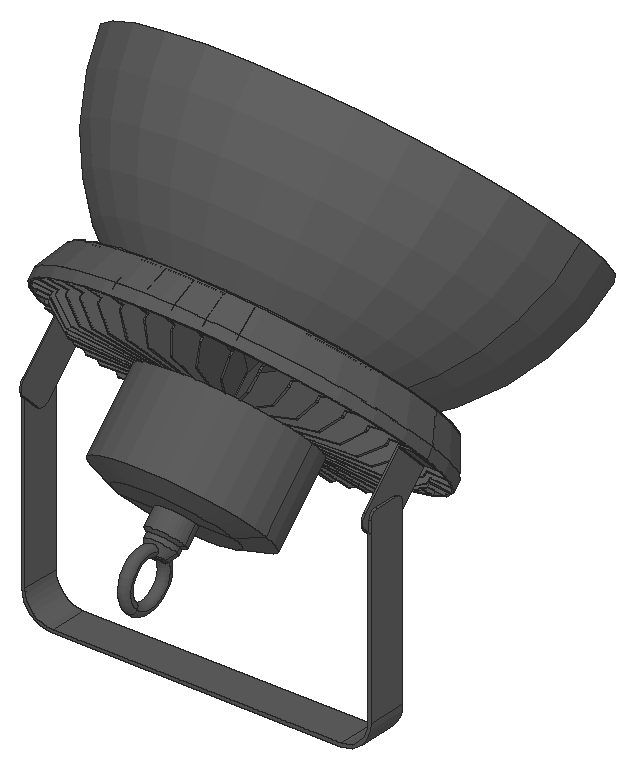
Revit family "0039346+0039355+0039360 Feilo Sylvania Lighting Fixture START HIGHBAY 4K 26KLM MEDIUM with BRACKET and ALU SHADE BLACK COLOR", category Lighting Fixtures, host Face, Revit 2017 (continued)
Definition of nested family "Start LED Highbay Head"
  Dimensions and locks
    "RHHeight3_FEILO": plane 31 to plane 33
    "RHHeight4_FEILO": plane 33 to plane 34
    "RHRadius3_FEILO": plane 3 "Center (Left/Right)" to plane 35
    "RHHeight1_FEILO": plane 28 to plane 30
    "EyeInner_FEILO": plane 34 to plane 36
    "EyeInner_FEILO": plane 36 to plane 37
    equal spacing: plane 38, plane 3 "Center (Left/Right)", plane 39
    "EyeThickness_FEILO": plane 38 to plane 39
    "EyeThickness_FEILO": plane 37 to plane 40
    equal spacing: plane 37, plane 41, plane 40
    equal spacing: plane 6, plane 42, plane 18
    "ThicknessBracket_FEILO": plane 45 to plane 6
    "ThicknessBracket_FEILO": plane 8 to plane 44
    locked: plane 43 to plane 18 at 1
    equal spacing: plane 24, plane 46, plane 26
    equal spacing: plane 47, plane 1 "Center (Front/Back)", plane 48
    "WidthBracket_FEILO": plane 47 to plane 48
    "WidthRingChamfer_FEILO": plane 50 to plane 49
    "ThicknessWall_FEILO": plane 51 to plane 49
    equal spacing: plane 50, plane 52, plane 51
    "ThicknessBracket_FEILO": plane 54 to plane 50
    locked: plane 53 to plane 51 at 1
    "Radius_FEILO": plane 49 to plane 3 "Center (Left/Right)"
    "ShadeRadiusOut_FEILO": plane 3 "Center (Left/Right)" to plane 55
    "ShadeHeight_FEILO": plane 56 to plane 4
    "ShadeRadiusIn_FEILO": plane 3 "Center (Left/Right)" to plane 57
    locked: plane 58 to plane 57 at 8
    "ShadeThickness_FEILO": plane 60 to plane 4
    "ShadeThickness_FEILO": plane 59 to plane 55
    "EyeThicknessHalf_FEILO": radius of curve 8
    "ThicknessBracket_FEILO": radius of Extrusion 7 sketch curve  (x2)
    "ThicknessBracketHalf_FEILO": radius of Extrusion 7 sketch curve  (x2)
    "ShadeRadiusBend_FEILO": radius of curve 9
    aligned and locked: plane 2 to Extrusion 1
    aligned and locked: level to Extrusion 1
    aligned and locked: plane 5 to curve 1
    aligned and locked: plane 6 to curve 1
    aligned and locked: plane 7 to curve 1
    aligned and locked: plane 10 to curve 2
    aligned and locked: plane 9 to curve 3
    aligned and locked: plane 4 to curve 3
    aligned and locked: plane 11 to curve 3
    aligned and locked: plane 4 to curve 4
    aligned and locked: plane 18 to curve 5
    aligned and locked: plane 10 to curve 5
    aligned and locked: Revolve 2 sketch curve to plane 3 "Center (Left/Right)"
    aligned and locked: Revolve 2 sketch curve to curve 3
    aligned and locked: Revolve 2 sketch curve to curve 1
    aligned and locked: plane 4 to Revolve 2 sketch curve
    aligned and locked: plane 9 to Revolve 2 sketch curve
    aligned and locked: Revolve 2 sketch curve to plane 13
    aligned and locked: Revolve 2 sketch curve to plane 10
    aligned and locked: plane 13 to Revolve 2 sketch curve
    aligned and locked: plane 10 to Revolve 2 sketch curve
    aligned and locked: Revolve 2 sketch curve to plane 18
    aligned and locked: Revolve 2 sketch curve to plane 8
    aligned and locked: plane 5 to Revolve 2 sketch curve  (x2)
    aligned and locked: Revolve 3 sketch curve to plane 3 "Center (Left/Right)"
    aligned and locked: plane 11 to Revolve 3 sketch curve
    aligned and locked: Revolve 3 sketch curve to curve 2
    aligned and locked: plane 15 to Revolve 3 sketch curve
    aligned and locked: Revolve 3 sketch curve to plane 16
    aligned and locked: plane 17 to Revolve 3 sketch curve  (x2)
    aligned and locked: Revolve 3 sketch curve to plane 12
    aligned and locked: plane 7 to Revolve 3 sketch curve
    aligned and locked: Revolve 4 sketch curve to plane 3 "Center (Left/Right)"
    aligned and locked: Revolve 4 sketch curve to plane 14
    aligned and locked: plane 3 "Center (Left/Right)" to Revolve 4 sketch curve
    aligned and locked: Revolve 4 sketch curve to plane 12
    aligned and locked: plane 15 to Revolve 4 sketch curve
    aligned and locked: Revolve 2 sketch curve to curve 5
    aligned and locked: plane 22 to curve 6
    aligned and locked: plane 21 to curve 6
    aligned and locked: plane 20 to curve 6
    aligned and locked: plane 19 to curve 6
    aligned and locked: plane 33 to curve 7
    aligned and locked: plane 32 to curve 7
    aligned and locked: plane 35 to curve 7
    aligned and locked: plane 34 to curve 7
    aligned and locked: Revolve 5 sketch curve to plane 3 "Center (Left/Right)"
    aligned and locked: Revolve 5 sketch curve to plane 25
    aligned and locked: plane 27 to Revolve 5 sketch curve
    aligned and locked: plane 28 to Revolve 5 sketch curve
    aligned and locked: plane 30 to Revolve 5 sketch curve
    aligned and locked: Revolve 5 sketch curve to plane 29
    aligned and locked: plane 31 to Revolve 5 sketch curve
    aligned and locked: Revolve 5 sketch curve to curve 7
    aligned and locked: Revolve 5 sketch curve to plane 32
    aligned and locked: plane 34 to Revolve 5 sketch curve
    aligned and locked: plane 3 "Center (Left/Right)" to Revolve 5 sketch curve
    aligned and locked: plane 3 "Center (Left/Right)" to curve 8
    aligned and locked: plane 41 to curve 8
    aligned and locked: Revolve 6 sketch curve to plane 36
    aligned and locked: Revolve 6 sketch curve to curve 8
    aligned and locked: plane 43 to Extrusion 7 sketch curve  (x2)
    aligned and locked: plane 8 to Extrusion 7 sketch curve  (x3)
    aligned and locked: Extrusion 7 sketch curve to plane 45
    aligned and locked: Extrusion 7 sketch curve to plane 46  (x2)
    aligned and locked: plane 6 to Extrusion 7 sketch curve
    aligned and locked: Extrusion 7 sketch curve to plane 44  (x2)
    aligned and locked: Extrusion 7 to plane 48
    aligned and locked: plane 47 to Extrusion 7
    aligned and locked: plane 53 to Extrusion 7 sketch curve
    aligned and locked: plane 50 to Extrusion 7 sketch curve
    aligned and locked: Extrusion 7 sketch curve to plane 54
    aligned and locked: Extrusion 8 sketch curve to Extrusion 8 sketch curve
    aligned and locked: Extrusion 8 to plane 6
    aligned and locked: Extrusion 8 to Extrusion 7
    aligned and locked: Revolve 5 sketch curve to plane 22
    aligned and locked: plane 23 to nested 1
    aligned and locked: plane 1 "Center (Front/Back)" to nested 1
    aligned and locked: Revolve 9 sketch curve to plane 3 "Center (Left/Right)"
    aligned and locked: Revolve 9 sketch curve to plane 4
    aligned and locked: plane 6 to Revolve 9 sketch curve
    aligned and locked: plane 4 to Revolve 9 sketch curve
    aligned and locked: plane 7 to Revolve 9 sketch curve
    aligned and locked: Revolve 9 sketch curve to plane 5
    aligned and locked: plane 8 to Revolve 9 sketch curve  (x2)
    aligned and locked: Revolve 9 sketch curve to plane 19
    aligned and locked: plane 20 to Revolve 9 sketch curve
    aligned and locked: plane 19 to Revolve 9 sketch curve
    aligned and locked: plane 21 to Revolve 9 sketch curve
    aligned and locked: plane 22 to Revolve 9 sketch curve  (x2)
    aligned and locked: Revolve 9 sketch curve to Revolve 9 sketch curve
    aligned and locked: imposter light to plane 4
    aligned and locked: plane 3 "Center (Left/Right)" to imposter light
    aligned and locked: imposter light to plane 1 "Center (Front/Back)"
    aligned and locked: plane 55 to curve 9
    aligned and locked: plane 56 to curve 9
    aligned and locked: plane 57 to curve 9
    aligned and locked: plane 4 to curve 9
    aligned and locked: Revolve 10 sketch curve to curve 9
    aligned and locked: plane 58 to Revolve 10 sketch curve
    aligned and locked: plane 57 to Revolve 10 sketch curve
    aligned and locked: plane 56 to Revolve 10 sketch curve  (x2)
    aligned and locked: Revolve 10 sketch curve to plane 58
    aligned and locked: plane 60 to Revolve 10 sketch curve
  Automatic sketch dimensions
    Extrusion 1 sketch curve to Extrusion 1 sketch curve = 2438.4 mm  (x2)
    Revolve 2 sketch curve to plane 6 = 0.299 mm
    plane 6 to Revolve 2 sketch curve = 0.459 mm
    Revolve 2 sketch curve to level = 609.6 mm
    Revolve 2 sketch curve to Revolve 2 sketch curve = 2312.223 mm
    Revolve 3 sketch curve to plane 12 = 0 mm
    Revolve 3 sketch curve to plane 3 "Center (Left/Right)" = 0 mm
    Revolve 3 sketch curve to level = 609.6 mm
    Revolve 3 sketch curve to plane 4 = 2339.058 mm
    Revolve 4 sketch curve to level = 609.6 mm
    Revolve 4 sketch curve to plane 4 = 2339.058 mm
    Revolve 6 sketch curve to plane 5 = 1080 mm
    plane 38 to Revolve 6 sketch curve = 1219.2 mm
    Extrusion 8 sketch curve to plane 47 = 0 mm
    plane 46 to Extrusion 8 sketch curve = 0 mm  (x2)
    Extrusion 8 sketch curve to plane 48 = 0 mm
    plane 47 to Extrusion 8 sketch curve = 5 mm
    plane 1 "Center (Front/Back)" to Extrusion 8 sketch curve = 10 mm
    Extrusion 8 sketch curve to Extrusion 8 sketch curve = 10 mm
    plane 46 to Extrusion 8 sketch curve = 5 mm
    Extrusion 8 sketch curve to Extrusion 8 sketch curve = 5 mm
    Extrusion 8 sketch curve to plane 48 = 5 mm
    Revolve 5 sketch curve to plane 26 = 0 mm
    Revolve 5 sketch curve to plane 35 = 0.437 mm
    plane 35 to Revolve 5 sketch curve = 0.847 mm
    Revolve 5 sketch curve to plane 34 = 0.726 mm
    plane 40 to Revolve 5 sketch curve = 590.2 mm
    Revolve 5 sketch curve to plane 4 = 2339.058 mm
    Revolve 9 sketch curve to level = 609.6 mm
    Revolve 9 sketch curve to Revolve 9 sketch curve = 2386.058 mm
    curve 2 to plane 3 "Center (Left/Right)" = 0 mm
    Revolve 10 sketch curve to Revolve 10 sketch curve = 0 mm  (x2)
    Revolve 10 sketch curve to plane 3 "Center (Left/Right)" = 0 mm
    plane 57 to Revolve 10 sketch curve = 0.659 mm
    Revolve 10 sketch curve to level = 609.6 mm
    Revolve 10 sketch curve to Revolve 10 sketch curve = 2068.248 mm
  Nested families
    nested 1: "Start Highbay Rib" at (0, 0, 67.775), type "Type Name", detail levels medium+fine
      with SuspensionHeight_FEILO 2.6 mm
    nested 2: "Start Highbay Rib" at (0, 0, 67.775) x (0.9877, 0.1564, 0) z (0, 0, 1), type "Type Name", detail levels medium+fine
      with SuspensionHeight_FEILO 2.6 mm
    nested 3: "Start Highbay Rib" at (0, 0, 67.775) x (0.9511, 0.309, 0) z (0, 0, 1), type "Type Name", detail levels medium+fine
      with SuspensionHeight_FEILO 2.6 mm
    nested 4: "Start Highbay Rib" at (0, 0, 67.775) x (0.891, 0.454, 0) z (0, 0, 1), type "Type Name", detail levels medium+fine
      with SuspensionHeight_FEILO 2.6 mm
    nested 5: "Start Highbay Rib" at (0, 0, 67.775) x (0.809, 0.5878, 0) z (0, 0, 1), type "Type Name", detail levels medium+fine
      with SuspensionHeight_FEILO 2.6 mm
    nested 6: "Start Highbay Rib" at (0, 0, 67.775) x (0.7071, 0.7071, 0) z (0, 0, 1), type "Type Name", detail levels medium+fine
      with SuspensionHeight_FEILO 2.6 mm
    nested 7: "Start Highbay Rib" at (0, 0, 67.775) x (0.5878, 0.809, 0) z (0, 0, 1), type "Type Name", detail levels medium+fine
      with SuspensionHeight_FEILO 2.6 mm
    nested 8: "Start Highbay Rib" at (0, 0, 67.775) x (0.454, 0.891, 0) z (0, 0, 1), type "Type Name", detail levels medium+fine
      with SuspensionHeight_FEILO 2.6 mm
    nested 9: "Start Highbay Rib" at (0, 0, 67.775) x (0.309, 0.9511, 0) z (0, 0, 1), type "Type Name", detail levels medium+fine
      with SuspensionHeight_FEILO 2.6 mm
    nested 10: "Start Highbay Rib" at (0, 0, 67.775) x (0.1564, 0.9877, 0) z (0, 0, 1), type "Type Name", detail levels medium+fine
      with SuspensionHeight_FEILO 2.6 mm
    nested 11: "Start Highbay Rib" at (0, 0, 67.775) x (0, 1, 0) z (0, 0, 1), type "Type Name", detail levels medium+fine
      with SuspensionHeight_FEILO 2.6 mm
    nested 12: "Start Highbay Rib" at (0, 0, 67.775) x (-0.1564, 0.9877, 0) z (0, 0, 1), type "Type Name", detail levels medium+fine
      with SuspensionHeight_FEILO 2.6 mm
    nested 13: "Start Highbay Rib" at (0, 0, 67.775) x (-0.309, 0.9511, 0) z (0, 0, 1), type "Type Name", detail levels medium+fine
      with SuspensionHeight_FEILO 2.6 mm
    nested 14: "Start Highbay Rib" at (0, 0, 67.775) x (-0.454, 0.891, 0) z (0, 0, 1), type "Type Name", detail levels medium+fine
      with SuspensionHeight_FEILO 2.6 mm
    nested 15: "Start Highbay Rib" at (0, 0, 67.775) x (-0.5878, 0.809, 0) z (0, 0, 1), type "Type Name", detail levels medium+fine
      with SuspensionHeight_FEILO 2.6 mm
    nested 16: "Start Highbay Rib" at (0, 0, 67.775) x (-0.7071, 0.7071, 0) z (0, 0, 1), type "Type Name", detail levels medium+fine
      with SuspensionHeight_FEILO 2.6 mm
    nested 17: "Start Highbay Rib" at (0, 0, 67.775) x (-0.809, 0.5878, 0) z (0, 0, 1), type "Type Name", detail levels medium+fine
      with SuspensionHeight_FEILO 2.6 mm
    nested 18: "Start Highbay Rib" at (0, 0, 67.775) x (-0.891, 0.454, 0) z (0, 0, 1), type "Type Name", detail levels medium+fine
      with SuspensionHeight_FEILO 2.6 mm
    nested 19: "Start Highbay Rib" at (0, 0, 67.775) x (-0.9511, 0.309, 0) z (0, 0, 1), type "Type Name", detail levels medium+fine
      with SuspensionHeight_FEILO 2.6 mm
    nested 20: "Start Highbay Rib" at (0, 0, 67.775) x (-0.9877, 0.1564, 0) z (0, 0, 1), type "Type Name", detail levels medium+fine
      with SuspensionHeight_FEILO 2.6 mm
    nested 21: "Start Highbay Rib" at (0, 0, 67.775) x (-1, 0, 0) z (0, 0, 1), type "Type Name", detail levels medium+fine
      with SuspensionHeight_FEILO 2.6 mm
    nested 22: "Start Highbay Rib" at (0, 0, 67.775) x (-0.9877, -0.1564, 0) z (0, 0, 1), type "Type Name", detail levels medium+fine
      with SuspensionHeight_FEILO 2.6 mm
    nested 23: "Start Highbay Rib" at (0, 0, 67.775) x (-0.9511, -0.309, 0) z (0, 0, 1), type "Type Name", detail levels medium+fine
      with SuspensionHeight_FEILO 2.6 mm
    nested 24: "Start Highbay Rib" at (0, 0, 67.775) x (-0.891, -0.454, 0) z (0, 0, 1), type "Type Name", detail levels medium+fine
      with SuspensionHeight_FEILO 2.6 mm
    nested 25: "Start Highbay Rib" at (0, 0, 67.775) x (-0.809, -0.5878, 0) z (0, 0, 1), type "Type Name", detail levels medium+fine
      with SuspensionHeight_FEILO 2.6 mm
    nested 26: "Start Highbay Rib" at (0, 0, 67.775) x (-0.7071, -0.7071, 0) z (0, 0, 1), type "Type Name", detail levels medium+fine
      with SuspensionHeight_FEILO 2.6 mm
    nested 27: "Start Highbay Rib" at (0, 0, 67.775) x (-0.5878, -0.809, 0) z (0, 0, 1), type "Type Name", detail levels medium+fine
      with SuspensionHeight_FEILO 2.6 mm
    nested 28: "Start Highbay Rib" at (0, 0, 67.775) x (-0.454, -0.891, 0) z (0, 0, 1), type "Type Name", detail levels medium+fine
      with SuspensionHeight_FEILO 2.6 mm
    nested 29: "Start Highbay Rib" at (0, 0, 67.775) x (-0.309, -0.9511, 0) z (0, 0, 1), type "Type Name", detail levels medium+fine
      with SuspensionHeight_FEILO 2.6 mm
    nested 30: "Start Highbay Rib" at (0, 0, 67.775) x (-0.1564, -0.9877, 0) z (0, 0, 1), type "Type Name", detail levels medium+fine
      with SuspensionHeight_FEILO 2.6 mm
    nested 31: "Start Highbay Rib" at (0, 0, 67.775) x (0, -1, 0) z (0, 0, 1), type "Type Name", detail levels medium+fine
      with SuspensionHeight_FEILO 2.6 mm
    nested 32: "Start Highbay Rib" at (0, 0, 67.775) x (0.1564, -0.9877, 0) z (0, 0, 1), type "Type Name", detail levels medium+fine
      with SuspensionHeight_FEILO 2.6 mm
    nested 33: "Start Highbay Rib" at (0, 0, 67.775) x (0.309, -0.9511, 0) z (0, 0, 1), type "Type Name", detail levels medium+fine
      with SuspensionHeight_FEILO 2.6 mm
    nested 34: "Start Highbay Rib" at (0, 0, 67.775) x (0.454, -0.891, 0) z (0, 0, 1), type "Type Name", detail levels medium+fine
      with SuspensionHeight_FEILO 2.6 mm
    nested 35: "Start Highbay Rib" at (0, 0, 67.775) x (0.5878, -0.809, 0) z (0, 0, 1), type "Type Name", detail levels medium+fine
      with SuspensionHeight_FEILO 2.6 mm
    nested 36: "Start Highbay Rib" at (0, 0, 67.775) x (0.7071, -0.7071, 0) z (0, 0, 1), type "Type Name", detail levels medium+fine
      with SuspensionHeight_FEILO 2.6 mm
    nested 37: "Start Highbay Rib" at (0, 0, 67.775) x (0.809, -0.5878, 0) z (0, 0, 1), type "Type Name", detail levels medium+fine
      with SuspensionHeight_FEILO 2.6 mm
    nested 38: "Start Highbay Rib" at (0, 0, 67.775) x (0.891, -0.454, 0) z (0, 0, 1), type "Type Name", detail levels medium+fine
      with SuspensionHeight_FEILO 2.6 mm
    nested 39: "Start Highbay Rib" at (0, 0, 67.775) x (0.9511, -0.309, 0) z (0, 0, 1), type "Type Name", detail levels medium+fine
      with SuspensionHeight_FEILO 2.6 mm
    nested 40: "Start Highbay Rib" at (0, 0, 67.775) x (0.9877, -0.1564, 0) z (0, 0, 1), type "Type Name", detail levels medium+fine
      with SuspensionHeight_FEILO 2.6 mm
  Definition of nested family "Start Highbay Rib"
    Parameters (values of type "Type Name")
      WidthStraight_FEILO = if(SizeS_FEILO, 3 mm, if(SizeM_FEILO, 4 mm, 4.7 mm))  # 3 mm
      WidthRingChamfer_FEILO = if(SizeS_FEILO, 10.3 mm, if(SizeM_FEILO, 11.2 mm, 12.9 mm))  # 10.3 mm
      WidthCurved_FEILO = if(SizeS_FEILO, 17.4 mm, if(SizeM_FEILO, 16.4 mm, 26.2 mm))  # 17.4 mm
      WidthCurvedRing_FEILO = if(SizeS_FEILO, 3 mm, if(SizeM_FEILO, 4 mm, 4.7 mm))  # 3 mm
      WidthBracket_FEILO = 40 mm
      URL = "http://www.feilosylvania.com"
      Type Image = (empty or 0)
      Type Comments = "n/a"
      ThicknessWall_FEILO = 1.5 mm
      ThicknessBracket_FEILO = 1.5 mm
      ThicknessBracketHalf_FEILO = ThicknessBracket_FEILO / 2  # 0.75 mm
      SuspensionHeight_FEILO [instance] = 2.6 mm
      SizeS_FEILO = yes
      SizeM_FEILO = no
      Rib4_FEILO = if(SizeS_FEILO, 18.1 mm, if(SizeM_FEILO, 13.6 mm, 14.6 mm))  # 18.1 mm
      Rib3_FEILO = if(SizeS_FEILO, 15.3 mm, if(SizeM_FEILO, 17.6 mm, 20.2 mm))  # 15.3 mm
      Rib2_FEILO = if(SizeS_FEILO, 3.6 mm, if(SizeM_FEILO, 3.9 mm, 4.5 mm))  # 3.6 mm
      Rib1_FEILO = if(SizeS_FEILO, 15.1 mm, if(SizeM_FEILO, 16.5 mm, 19 mm))  # 15.1 mm
      RadiusRib_FEILO = 2 mm
      RadiusDiffuser_FEILO = if(SizeS_FEILO, 95.2 mm, if(SizeM_FEILO, 105.3 mm, 120 mm))  # 95.2 mm
      RHRadius3_FEILO = if(SizeS_FEILO, 6.6 mm, if(SizeM_FEILO, 7.4 mm, 8.6 mm))  # 6.6 mm
      RHRadius2_FEILO = if(SizeS_FEILO, 11 mm, if(SizeM_FEILO, 12 mm, 14 mm))  # 11 mm
      RHRadius1_FEILO = if(SizeS_FEILO, 13.6 mm, if(SizeM_FEILO, 14.9 mm, 17.7 mm))  # 13.6 mm
      RHHeight4_FEILO = if(SizeS_FEILO, 7.3 mm, if(SizeM_FEILO, 8 mm, 9.2 mm))  # 7.3 mm
      RHHeight3_FEILO = if(SizeS_FEILO, 3.6 mm, if(SizeM_FEILO, 3.7 mm, 4.6 mm))  # 3.6 mm
      RHHeight2_FEILO = if(SizeS_FEILO, 2 mm, if(SizeM_FEILO, 2.2 mm, 2.6 mm))  # 2 mm
      RHHeight1_FEILO = if(SizeS_FEILO, 11.8 mm, if(SizeM_FEILO, 15.3 mm, 17.4 mm))  # 11.8 mm
      Material_3_FEILO = none
      Model = ""
      Manufacturer = "Feilo Sylvania"
      Keynote = "16500"
      HeightRing_FEILO = if(SizeS_FEILO, 19.8 mm, if(SizeM_FEILO, 32 mm, 36.8 mm))  # 19.8 mm
      HeightRingChamfer_FEILO = if(SizeS_FEILO, 11.7 mm, if(SizeM_FEILO, 23.2 mm, 26.6 mm))  # 11.7 mm
      EyeThickness_FEILO = if(SizeS_FEILO, 8.4 mm, if(SizeM_FEILO, 9.2 mm, 10.5 mm))  # 8.4 mm
      EyeThicknessHalf_FEILO = EyeThickness_FEILO / 2  # 4.2 mm
      EyeInner_FEILO = if(SizeS_FEILO, 13.8 mm, if(SizeM_FEILO, 15.1 mm, 17.3 mm))  # 13.8 mm
      DriverVerticalStraight_FEILO = if(SizeS_FEILO, 46.5 mm, if(SizeM_FEILO, 49.7 mm, 57 mm))  # 46.5 mm
      DriverVerticalChamfer_FEILO = if(SizeS_FEILO, 7.5 mm, if(SizeM_FEILO, 8.2 mm, 9.5 mm))  # 7.5 mm
      DriverRadius_FEILO = if(SizeS_FEILO, 61.4 mm, if(SizeM_FEILO, 67.2 mm, 76.4 mm))  # 61.4 mm
      DriverRadiusTop_FEILO = if(SizeS_FEILO, 42 mm, if(SizeM_FEILO, 45.3 mm, 52.4 mm))  # 42 mm
      DriverBottom_FEILO = if(SizeS_FEILO, 56 mm, if(SizeM_FEILO, 64.5 mm, 74 mm))  # 56 mm
      Material_2_FEILO = none
      Radius_FEILO = if(SizeS_FEILO, 135 mm, if(SizeM_FEILO, 148 mm, 169.5 mm))  # 135 mm
      Description = ""
      Default Elevation = 1219.2 mm
      Cost = 0
      Material_1_FEILO = none
      Assembly Code = "D5020200"
      Material_4_FEILO = none
    Reference planes
      plane 1 "Center (Front/Back)": y = 0
      plane 2: z = 0
      plane 3 "Center (Left/Right)": x = 0
      plane 4: z = 2.6
      plane 5: x = -135
      plane 6: x = -124.7
      plane 7: z = -9.1
      plane 8: z = -17.2
      plane 9: x = -121.7
      plane 10: z = -0.025
      plane 11: x = -104.3
      plane 12: x = -95.2
      plane 13: x = -118.7
      plane 14: z = 0.975
      plane 15: z = -1.025
      plane 16: x = -92.2
      plane 17: z = -2.025
      plane 18: x = -133.5
      plane 19: x = -119.9
      plane 20: z = -20.8
      plane 21: x = -104.6
      plane 22: z = -38.9
      plane 23: x = -20
      plane 24: z = -53.4
      plane 25: x = -61.4
      plane 26: z = -99.9
      plane 27: x = -42
      plane 28: z = -107.4
      plane 29: x = -13.6
      plane 30: z = -119.2
      plane 31: z = -121.2
      plane 32: x = -11
      plane 33: z = -124.8
      plane 34: z = -132.1
      plane 35: x = -6.6
      plane 36: z = -145.9
      plane 37: z = -159.7
      plane 38: x = 4.2
      plane 39: x = -4.2
      plane 40: z = -168.1
      plane 41: z = -163.9
      plane 42: x = -129.1
      plane 43: x = -132.5
      plane 44: z = -18.7
      plane 45: x = -123.2
      plane 46: z = -76.65
      plane 47: y = -20
      plane 48: y = 20
      plane 49: x = 135
      plane 50: x = 124.7
      plane 51: x = 133.5
      plane 52: x = 129.1
      plane 53: x = 132.5
      plane 54: x = 123.2
      plane 55: y = 0.75
      plane 56: y = -0.75
    Forms (mm)
      Extrusion 1, solid
        sketch origin (4.2, 0, 0) x (1, 0, 0) y (0, 1, 0)
          loop
            line (-1219.2, 1219.2) -> (-1219.2, -1219.2) -> (1219.2, -1219.2) -> (1219.2, 1219.2) -> (-1219.2, 1219.2)
        from 0 to -68.017
      Extrusion 2, solid, material <- "Material_1_FEILO"
        sketch origin (0, 0, 0) x (1, 0, 0) y (0, 0, 1)
          loop
            arc (-104.3, -0.025) -> (-111.555, 0.423) -> (-118.7, 1.76) r 58.981
            line (-118.7, 1.76) -> (-118.7, -0.025) -> (-125.012, -0.025) -> (-133.5, -9.666) -> (-133.5, -17.2) -> (-119.9, -17.2) -> (-119.9, -20.068)
            arc (-119.9, -20.068) -> (-119.778, -20.755) -> (-119.427, -21.359) r 2
            line (-119.427, -21.359) -> (-104.966, -38.467)
            arc (-104.966, -38.467) -> (-104.381, -38.789) -> (-103.723, -38.9) r 2
            line (-103.723, -38.9) -> (-20, -38.9) -> (-20, -9.1) -> (-95.2, -9.1) -> (-95.2, -2.025) -> (-104.3, -2.025) -> (-104.3, -0.025)
        from -0.75 to 0.75
    Lines and regions (mm)
      reference lines
        curve 1: line (-135, 0, -9.1) -> (-124.7, 0, 2.6)
        curve 2: line (-104.3, 0, -0.025) -> (0, 0, -0.025)
        curve 3: arc (-104.3, 0, -0.025) -> (-113.098, 0, 0.635) -> (-121.7, 0, 2.6) r 58.981
        curve 4: line (-124.7, 0, 2.6) -> (-121.7, 0, 2.6)
        curve 5: line (-125.012, 0, -0.025) -> (-133.5, 0, -9.666)
        curve 6: line (-119.9, 0, -20.8) -> (-104.6, 0, -38.9)
    Dimensions and locks
      "Radius_FEILO": plane 3 "Center (Left/Right)" to plane 5
      "WidthRingChamfer_FEILO": plane 6 to plane 5
      "WidthStraight_FEILO": plane 9 to plane 6
      "WidthCurvedRing_FEILO": plane 13 to plane 9
      locked: plane 10 to plane 15 at 1
      locked: plane 14 to plane 10 at 1
      locked: plane 4 to plane 10 at 2.625
      locked: plane 15 to plane 17 at 1
      "ThicknessWall_FEILO": plane 18 to plane 5
      "ThicknessWall_FEILO": curve 5 to curve 1
      "HeightRingChamfer_FEILO": plane 4 to plane 7
      "HeightRing_FEILO": plane 4 to plane 8
      "RadiusDiffuser_FEILO": plane 3 "Center (Left/Right)" to plane 12
      locked: plane 16 to plane 12 at 3
      "WidthCurved_FEILO": plane 11 to plane 9
      "SuspensionHeight_FEILO": plane 4 to plane 2
      "Rib1_FEILO": plane 19 to plane 5
      "Rib2_FEILO": plane 8 to plane 20
      "Rib3_FEILO": plane 21 to plane 19
      "Rib4_FEILO": plane 20 to plane 22
      locked: plane 3 "Center (Left/Right)" to plane 23 at 20
      "DriverBottom_FEILO": plane 4 to plane 24
      "DriverRadius_FEILO": plane 3 "Center (Left/Right)" to plane 25
      "DriverVerticalStraight_FEILO": plane 24 to plane 26
      "DriverRadiusTop_FEILO": plane 3 "Center (Left/Right)" to plane 27
      "DriverVerticalChamfer_FEILO": plane 26 to plane 28
      "RHRadius1_FEILO": plane 3 "Center (Left/Right)" to plane 29
      "RHHeight2_FEILO": plane 30 to plane 31
      "RHRadius2_FEILO": plane 3 "Center (Left/Right)" to plane 32
      "RHHeight3_FEILO": plane 31 to plane 33
      "RHHeight4_FEILO": plane 33 to plane 34
      "RHRadius3_FEILO": plane 3 "Center (Left/Right)" to plane 35
      "RHHeight1_FEILO": plane 28 to plane 30
      "EyeInner_FEILO": plane 34 to plane 36
      "EyeInner_FEILO": plane 36 to plane 37
      equal spacing: plane 38, plane 3 "Center (Left/Right)", plane 39
      "EyeThickness_FEILO": plane 38 to plane 39
      "EyeThickness_FEILO": plane 37 to plane 40
      equal spacing: plane 37, plane 41, plane 40
      equal spacing: plane 6, plane 42, plane 18
      "ThicknessBracket_FEILO": plane 45 to plane 6
      "ThicknessBracket_FEILO": plane 8 to plane 44
      locked: plane 43 to plane 18 at 1
      equal spacing: plane 24, plane 46, plane 26
      equal spacing: plane 47, plane 1 "Center (Front/Back)", plane 48
      "WidthBracket_FEILO": plane 47 to plane 48
      "WidthRingChamfer_FEILO": plane 50 to plane 49
      "ThicknessWall_FEILO": plane 51 to plane 49
      equal spacing: plane 50, plane 52, plane 51
      "ThicknessBracket_FEILO": plane 54 to plane 50
      locked: plane 53 to plane 51 at 1
      "Radius_FEILO": plane 49 to plane 3 "Center (Left/Right)"
      equal spacing: plane 56, plane 1 "Center (Front/Back)", plane 55
      "ThicknessWall_FEILO": plane 56 to plane 55
      "RadiusRib_FEILO": radius of Extrusion 2 sketch curve  (x2)
      aligned and locked: plane 2 to Extrusion 1
      aligned and locked: level to Extrusion 1
      aligned and locked: plane 5 to curve 1
      aligned and locked: plane 6 to curve 1
      aligned and locked: plane 7 to curve 1
      aligned and locked: plane 10 to curve 2
      aligned and locked: plane 9 to curve 3
      aligned and locked: plane 4 to curve 3
      aligned and locked: plane 11 to curve 3
      aligned and locked: plane 4 to curve 4
      aligned and locked: plane 18 to curve 5
      aligned and locked: plane 10 to curve 5
      aligned and locked: plane 22 to curve 6
      aligned and locked: plane 21 to curve 6
      aligned and locked: plane 20 to curve 6
      aligned and locked: plane 19 to curve 6
      aligned and locked: Extrusion 2 sketch curve to plane 23
      aligned and locked: Extrusion 2 sketch curve to plane 22
      aligned and locked: Extrusion 2 sketch curve to curve 6
      aligned and locked: plane 19 to Extrusion 2 sketch curve
      aligned and locked: Extrusion 2 sketch curve to plane 8
      aligned and locked: Extrusion 2 sketch curve to curve 5
      aligned and locked: Extrusion 2 sketch curve to curve 3
      aligned and locked: Extrusion 2 to plane 55
      aligned and locked: plane 56 to Extrusion 2
      aligned and locked: curve 6 to Extrusion 2 sketch curve
    Automatic sketch dimensions
      Extrusion 1 sketch curve to Extrusion 1 sketch curve = 2438.4 mm  (x2)
      curve 2 to plane 3 "Center (Left/Right)" = 0 mm
      Extrusion 2 sketch curve to plane 18 = 0 mm
      Extrusion 2 sketch curve to plane 10 = 0 mm
      Extrusion 2 sketch curve to plane 13 = 0 mm
      Extrusion 2 sketch curve to plane 7 = 0 mm
      Extrusion 2 sketch curve to plane 12 = 0 mm
      Extrusion 2 sketch curve to plane 17 = 0 mm
      plane 19 to Extrusion 2 sketch curve = 0.473 mm
      Extrusion 2 sketch curve to plane 21 = 0.366 mm
